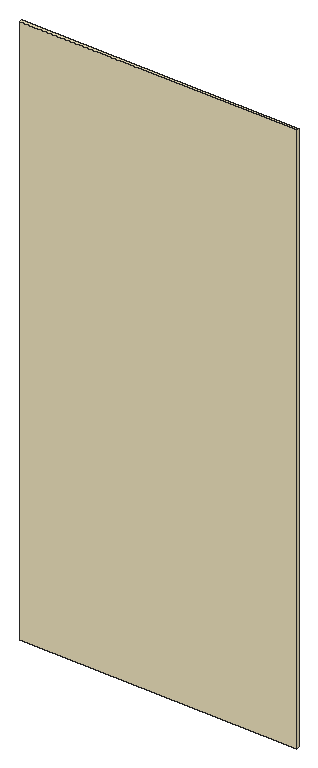
Revit family "American Oak Veneer Honeycomb", category Generic Models, Revit 2017 (continued)
Automatic sketch dimensions
  level to curve 520 = 123.626 mm
  curve 519 to curve 520 = 41.559 mm
  curve 501 to curve 571 = 41.559 mm
  curve 515 to curve 516 = 41.559 mm
  curve 499 to curve 570 = 41.559 mm
  curve 509 to curve 575 = 41.559 mm
  curve 497 to curve 569 = 41.559 mm
  curve 495 to curve 568 = 41.559 mm
  curve 493 to curve 567 = 41.559 mm
  curve 491 to curve 566 = 41.559 mm
  curve 507 to curve 508 = 41.559 mm
  plane 4 "Panel_top" to curve 484 = 51.176 mm
  curve 484 to curve 484 = 34.403 mm
  curve 513 to curve 512 = 41.559 mm
  curve 515 to curve 514 = 41.559 mm
  curve 519 to curve 518 = 41.559 mm
  curve 488 to curve 564 = 58.434 mm
  curve 516 to curve 528 = 58.434 mm
  curve 490 to curve 554 = 58.435 mm
  curve 492 to curve 552 = 58.434 mm
  curve 518 to curve 527 = 58.433 mm
  curve 498 to curve 569 = 58.434 mm
  curve 502 to curve 571 = 58.434 mm
  level to curve 525 = 123.626 mm
  curve 520 to curve 525 = 58.434 mm
  curve 510 to curve 534 = 58.434 mm
  curve 514 to curve 530 = 58.433 mm
  curve 500 to curve 570 = 58.434 mm
  curve 494 to curve 551 = 58.434 mm
  curve 504 to curve 572 = 58.434 mm
  curve 508 to curve 536 = 58.434 mm
  curve 506 to curve 573 = 58.434 mm
  curve 496 to curve 568 = 58.434 mm
  curve 512 to curve 532 = 58.433 mm
  curve 486 to curve 558 = 58.435 mm
  plane 4 "Panel_top" to curve 560 = 51.176 mm
  curve 484 to curve 560 = 58.433 mm
  curve 560 to curve 561 = 34.408 mm
  curve 558 to curve 558 = 41.558 mm
  curve 550 to curve 470 = 41.559 mm
  curve 528 to curve 481 = 41.559 mm
  curve 544 to curve 544 = 41.559 mm
  curve 530 to curve 532 = 41.559 mm
  curve 532 to curve 533 = 41.559 mm
  curve 534 to curve 535 = 41.559 mm
  curve 536 to curve 537 = 41.559 mm
  curve 538 to curve 539 = 41.559 mm
  curve 540 to curve 541 = 41.559 mm
  curve 528 to curve 530 = 41.559 mm
  curve 546 to curve 547 = 41.559 mm
  curve 554 to curve 555 = 41.559 mm
  plane 4 "Panel_top" to curve 559 = 112.988 mm
  curve 558 to curve 559 = 41.559 mm
  level to curve 523 = 61.815 mm
  curve 524 to curve 523 = 41.56 mm
  curve 546 to curve 472 = 41.56 mm
  curve 552 to curve 551 = 41.56 mm
  curve 526 to curve 482 = 41.56 mm
  curve 554 to curve 553 = 41.561 mm
  level to curve 418 = 61.814 mm
  curve 483 to curve 418 = 58.431 mm
  curve 473 to curve 473 = 58.433 mm
  curve 472 to curve 472 = 58.431 mm
  curve 539 to curve 475 = 58.432 mm
  curve 547 to curve 471 = 58.432 mm
  curve 537 to curve 476 = 58.432 mm
  curve 470 to curve 470 = 58.433 mm
  curve 482 to curve 482 = 58.431 mm
  curve 469 to curve 469 = 58.431 mm
  curve 468 to curve 468 = 58.431 mm
  curve 481 to curve 481 = 58.433 mm
  curve 533 to curve 478 = 58.432 mm
  curve 559 to curve 465 = 58.432 mm
  curve 541 to curve 474 = 58.432 mm
  curve 529 to curve 412 = 58.432 mm
  curve 466 to curve 372 = 58.434 mm
  curve 555 to curve 374 = 58.432 mm
  curve 531 to curve 410 = 58.432 mm
  curve 535 to curve 405 = 58.432 mm
  curve 561 to curve 368 = 72.734 mm
  curve 380 to curve 391 = 41.559 mm
  curve 415 to curve 464 = 41.559 mm
  curve 396 to curve 397 = 41.559 mm
  curve 411 to curve 412 = 41.559 mm
  plane 4 "Panel_top" to curve 368 = 51.176 mm
  curve 368 to curve 368 = 34.408 mm
  curve 413 to curve 414 = 41.559 mm
  curve 409 to curve 410 = 41.559 mm
  curve 384 to curve 393 = 41.559 mm
  curve 384 to curve 384 = 41.559 mm
  curve 396 to curve 395 = 41.559 mm
  plane 4 "Panel_top" to curve 371 = 174.799 mm
  curve 372 to curve 371 = 41.559 mm
  curve 398 to curve 402 = 41.559 mm
  curve 380 to curve 380 = 41.559 mm
  curve 374 to curve 373 = 41.559 mm
  curve 405 to curve 404 = 41.559 mm
  curve 407 to curve 406 = 41.559 mm
  curve 409 to curve 408 = 41.559 mm
  curve 376 to curve 375 = 41.559 mm
  curve 469 to curve 378 = 41.559 mm
  curve 373 to curve 387 = 58.433 mm
  curve 395 to curve 438 = 58.433 mm
  curve 381 to curve 444 = 58.434 mm
  curve 397 to curve 437 = 58.434 mm
  plane 4 "Panel_top" to curve 456 = 51.176 mm
  curve 368 to curve 456 = 58.434 mm
  curve 406 to curve 459 = 58.433 mm
  level to curve 420 = 123.624 mm
  curve 416 to curve 420 = 58.434 mm
  curve 379 to curve 446 = 58.433 mm
  level to curve 422 = 247.246 mm
  curve 414 to curve 422 = 58.434 mm
  curve 412 to curve 424 = 58.434 mm
  curve 408 to curve 460 = 58.433 mm
  curve 402 to curve 402 = 58.433 mm
  curve 377 to curve 448 = 58.433 mm
  curve 383 to curve 443 = 58.433 mm
  curve 410 to curve 427 = 58.434 mm
  curve 375 to curve 450 = 58.433 mm
  curve 404 to curve 432 = 58.433 mm
  curve 393 to curve 393 = 58.433 mm
  plane 4 "Panel_top" to curve 455 = 174.799 mm
  curve 371 to curve 455 = 58.434 mm
  curve 369 to curve 457 = 34.409 mm
  plane 4 "Panel_top" to curve 454 = 236.609 mm
  curve 386 to curve 454 = 41.558 mm
  curve 450 to curve 450 = 41.558 mm
  curve 390 to curve 354 = 41.559 mm
  curve 393 to curve 357 = 41.559 mm
  plane 4 "Panel_top" to curve 456 = 112.987 mm
  curve 369 to curve 456 = 41.559 mm
  curve 392 to curve 444 = 41.559 mm
  curve 450 to curve 451 = 41.559 mm
  curve 401 to curve 438 = 41.559 mm
  curve 422 to curve 423 = 41.559 mm
  curve 428 to curve 429 = 41.559 mm
  curve 430 to curve 431 = 41.559 mm
  curve 432 to curve 433 = 41.559 mm
  curve 402 to curve 435 = 41.559 mm
  curve 426 to curve 425 = 41.56 mm
  level to curve 419 = 61.814 mm
  curve 420 to curve 419 = 41.56 mm
  level to curve 421 = 185.436 mm
  curve 422 to curve 421 = 41.56 mm
  curve 392 to curve 441 = 41.56 mm
  curve 389 to curve 353 = 41.56 mm
  curve 428 to curve 363 = 41.56 mm
  level to curve 322 = 61.814 mm
  curve 367 to curve 322 = 58.431 mm
  curve 433 to curve 360 = 58.432 mm
  plane 4 "Panel_top" to curve 287 = 112.987 mm
  curve 349 to curve 287 = 58.433 mm
  curve 429 to curve 362 = 58.432 mm
  plane 4 "Panel_top" to curve 288 = 236.611 mm
  curve 350 to curve 288 = 58.434 mm
  curve 363 to curve 363 = 58.431 mm
  curve 435 to curve 359 = 58.432 mm
  curve 437 to curve 358 = 58.432 mm
  curve 423 to curve 365 = 58.432 mm
  curve 366 to curve 366 = 58.431 mm
  curve 357 to curve 357 = 58.433 mm
  curve 356 to curve 356 = 58.431 mm
  curve 451 to curve 290 = 58.432 mm
  curve 443 to curve 355 = 58.432 mm
  curve 352 to curve 293 = 58.434 mm
  curve 354 to curve 354 = 58.433 mm
  curve 353 to curve 294 = 58.431 mm
  curve 431 to curve 310 = 58.432 mm
  curve 364 to curve 316 = 58.432 mm
  curve 457 to curve 285 = 72.733 mm
  curve 290 to curve 333 = 41.558 mm
  curve 288 to curve 332 = 41.558 mm
  curve 310 to curve 343 = 41.559 mm
  curve 294 to curve 295 = 41.559 mm
  curve 304 to curve 340 = 41.559 mm
  curve 296 to curve 297 = 41.559 mm
  curve 302 to curve 339 = 41.559 mm
  curve 316 to curve 346 = 41.559 mm
  curve 300 to curve 301 = 41.559 mm
  plane 4 "Panel_top" to curve 285 = 51.176 mm
  curve 285 to curve 285 = 34.409 mm
  curve 314 to curve 314 = 41.559 mm
  curve 316 to curve 315 = 41.559 mm
  curve 310 to curve 310 = 41.559 mm
  curve 308 to curve 308 = 41.559 mm
  plane 4 "Panel_top" to curve 287 = 174.8 mm
  curve 288 to curve 287 = 41.559 mm
  level to curve 319 = 247.246 mm
  curve 320 to curve 319 = 41.559 mm
  level to curve 321 = 123.623 mm
  curve 322 to curve 321 = 41.56 mm
  curve 300 to curve 300 = 41.559 mm
  curve 294 to curve 294 = 41.559 mm
  curve 307 to curve 341 = 58.433 mm
  level to curve 327 = 247.246 mm
  curve 319 to curve 327 = 58.433 mm
  curve 311 to curve 343 = 58.434 mm
  curve 305 to curve 340 = 58.434 mm
  curve 313 to curve 344 = 58.433 mm
  curve 303 to curve 339 = 58.434 mm
  curve 291 to curve 242 = 58.435 mm
  plane 4 "Panel_top" to curve 235 = 174.8 mm
  curve 287 to curve 235 = 58.433 mm
  curve 301 to curve 338 = 58.434 mm
  plane 4 "Panel_top" to curve 234 = 51.176 mm
  curve 285 to curve 234 = 58.434 mm
  plane 4 "Panel_top" to curve 238 = 298.422 mm
  curve 289 to curve 238 = 58.435 mm
  curve 299 to curve 337 = 58.433 mm
  curve 317 to curve 346 = 58.434 mm
  level to curve 325 = 123.623 mm
  curve 321 to curve 325 = 58.433 mm
  curve 297 to curve 336 = 58.434 mm
  curve 295 to curve 335 = 58.434 mm
  curve 293 to curve 334 = 58.433 mm
  curve 315 to curve 278 = 58.433 mm
  curve 309 to curve 263 = 58.433 mm
  curve 233 to curve 233 = 34.409 mm
  curve 275 to curve 281 = 41.559 mm
  curve 253 to curve 254 = 41.559 mm
  curve 251 to curve 252 = 41.559 mm
  curve 263 to curve 264 = 41.559 mm
  level to curve 328 = 309.058 mm
  curve 279 to curve 328 = 41.559 mm
  plane 4 "Panel_top" to curve 236 = 236.611 mm
  curve 237 to curve 236 = 41.559 mm
  curve 263 to curve 263 = 41.559 mm
  plane 4 "Panel_top" to curve 235 = 112.989 mm
  curve 235 to curve 235 = 41.559 mm
  curve 261 to curve 261 = 41.559 mm
  curve 265 to curve 274 = 41.559 mm
  curve 259 to curve 259 = 41.559 mm
  curve 257 to curve 257 = 41.559 mm
  curve 279 to curve 278 = 41.559 mm
  curve 246 to curve 251 = 41.559 mm
  curve 237 to curve 241 = 41.559 mm
  curve 246 to curve 246 = 41.559 mm
  curve 244 to curve 243 = 41.559 mm
  curve 327 to curve 283 = 41.56 mm
  curve 325 to curve 284 = 41.56 mm
  level to curve 173 = 61.813 mm
  curve 284 to curve 173 = 58.431 mm
  curve 245 to curve 249 = 58.432 mm
  curve 250 to curve 147 = 58.432 mm
  curve 234 to curve 239 = 58.432 mm
  curve 276 to curve 281 = 58.433 mm
  curve 243 to curve 248 = 58.432 mm
  curve 274 to curve 274 = 58.432 mm
  curve 262 to curve 272 = 58.432 mm
  curve 252 to curve 267 = 58.433 mm
  curve 254 to curve 268 = 58.433 mm
  curve 260 to curve 271 = 58.432 mm
  curve 256 to curve 269 = 58.432 mm
  curve 328 to curve 329 = 58.432 mm
  curve 258 to curve 270 = 58.432 mm
  curve 283 to curve 283 = 58.431 mm
  curve 264 to curve 161 = 58.433 mm
  plane 4 "Panel_top" to curve 141 = 360.233 mm
  curve 241 to curve 141 = 58.432 mm
  curve 278 to curve 167 = 58.432 mm
  curve 236 to curve 240 = 58.433 mm
  curve 233 to curve 136 = 72.732 mm
  curve 149 to curve 150 = 41.559 mm
  curve 143 to curve 144 = 41.559 mm
  level to curve 168 = 370.869 mm
  curve 167 to curve 168 = 41.559 mm
  curve 155 to curve 224 = 41.559 mm
  curve 161 to curve 227 = 41.559 mm
  curve 159 to curve 158 = 41.559 mm
  plane 4 "Panel_top" to curve 140 = 298.423 mm
  curve 141 to curve 140 = 41.559 mm
  curve 161 to curve 160 = 41.559 mm
  plane 4 "Panel_top" to curve 138 = 174.8 mm
  curve 139 to curve 138 = 41.559 mm
  plane 4 "Panel_top" to curve 142 = 422.045 mm
  curve 143 to curve 142 = 41.559 mm
  curve 165 to curve 164 = 41.559 mm
  curve 167 to curve 166 = 41.559 mm
  plane 4 "Panel_top" to curve 137 = 51.178 mm
  curve 136 to curve 137 = 34.41 mm
  level to curve 170 = 247.245 mm
  curve 171 to curve 170 = 41.559 mm
  curve 147 to curve 146 = 41.559 mm
  level to curve 172 = 123.623 mm
  curve 173 to curve 172 = 41.56 mm
  curve 149 to curve 148 = 41.559 mm
  curve 155 to curve 155 = 41.559 mm
  curve 153 to curve 153 = 41.559 mm
  curve 162 to curve 187 = 58.434 mm
  level to curve 181 = 370.869 mm
  curve 168 to curve 181 = 58.434 mm
  curve 144 to curve 218 = 58.434 mm
  curve 146 to curve 219 = 58.433 mm
  level to curve 179 = 247.245 mm
  curve 170 to curve 179 = 58.433 mm
  curve 166 to curve 182 = 58.433 mm
  level to curve 177 = 123.623 mm
  curve 172 to curve 177 = 58.433 mm
  curve 148 to curve 220 = 58.433 mm
  curve 158 to curve 190 = 58.433 mm
  curve 164 to curve 185 = 58.433 mm
  curve 156 to curve 192 = 58.434 mm
  curve 152 to curve 222 = 58.433 mm
  curve 136 to curve 214 = 58.433 mm
  curve 154 to curve 194 = 58.433 mm
  curve 150 to curve 198 = 58.434 mm
  plane 4 "Panel_top" to curve 211 = 174.8 mm
  curve 138 to curve 211 = 58.433 mm
  plane 4 "Panel_top" to curve 209 = 298.423 mm
  curve 140 to curve 209 = 58.433 mm
  plane 4 "Panel_top" to curve 206 = 422.045 mm
  curve 142 to curve 206 = 58.433 mm
  curve 160 to curve 226 = 58.434 mm
  curve 212 to curve 213 = 34.41 mm
  curve 202 to curve 202 = 41.559 mm
  level to curve 180 = 309.057 mm
  curve 180 to curve 180 = 41.559 mm
  curve 194 to curve 194 = 41.559 mm
  curve 188 to curve 188 = 41.559 mm
  curve 182 to curve 184 = 41.559 mm
  curve 188 to curve 189 = 41.559 mm
  curve 194 to curve 195 = 41.559 mm
  curve 196 to curve 198 = 41.559 mm
  curve 198 to curve 199 = 41.559 mm
  curve 202 to curve 203 = 41.559 mm
  plane 4 "Panel_top" to curve 207 = 360.234 mm
  curve 206 to curve 207 = 41.559 mm
  plane 4 "Panel_top" to curve 209 = 236.612 mm
  curve 208 to curve 209 = 41.559 mm
  plane 4 "Panel_top" to curve 211 = 112.99 mm
  curve 210 to curve 211 = 41.559 mm
  level to curve 178 = 185.434 mm
  curve 176 to curve 178 = 41.559 mm
  level to curve 176 = 61.811 mm
  curve 176 to curve 176 = 41.559 mm
  curve 182 to curve 132 = 41.56 mm
  curve 186 to curve 130 = 41.56 mm
  curve 192 to curve 191 = 41.56 mm
  curve 206 to curve 120 = 41.561 mm
  level to curve 79 = 61.812 mm
  curve 175 to curve 79 = 58.432 mm
  curve 195 to curve 125 = 58.432 mm
  curve 126 to curve 126 = 58.433 mm
  curve 197 to curve 124 = 58.432 mm
  curve 127 to curve 127 = 58.431 mm
  curve 199 to curve 123 = 58.432 mm
  curve 189 to curve 128 = 58.432 mm
  curve 122 to curve 122 = 58.433 mm
  curve 203 to curve 121 = 58.432 mm
  curve 130 to curve 130 = 58.431 mm
  curve 120 to curve 120 = 58.431 mm
  curve 183 to curve 131 = 58.432 mm
  curve 133 to curve 133 = 58.433 mm
  curve 211 to curve 117 = 58.432 mm
  curve 177 to curve 134 = 58.432 mm
  plane 4 "Panel_top" to curve 113 = 236.612 mm
  curve 209 to curve 113 = 58.432 mm
  level to curve 84 = 432.678 mm
  curve 132 to curve 84 = 58.432 mm
  plane 4 "Panel_top" to curve 111 = 360.234 mm
  curve 207 to curve 111 = 58.432 mm
  curve 129 to curve 90 = 58.433 mm
  curve 213 to curve 116 = 72.731 mm
  curve 94 to curve 24 = 41.559 mm
  curve 88 to curve 30 = 41.559 mm
  curve 80 to curve 38 = 41.559 mm
  level to curve 82 = 247.246 mm
  curve 82 to curve 82 = 41.559 mm
  curve 100 to curve 102 = 41.559 mm
  curve 102 to curve 103 = 41.559 mm
  curve 90 to curve 92 = 41.559 mm
  curve 104 to curve 105 = 41.559 mm
  curve 106 to curve 107 = 41.559 mm
  plane 4 "Panel_top" to curve 109 = 422.045 mm
  curve 108 to curve 109 = 41.559 mm
  level to curve 86 = 494.489 mm
  curve 84 to curve 86 = 41.559 mm
  plane 4 "Panel_top" to curve 111 = 298.423 mm
  curve 110 to curve 111 = 41.559 mm
  plane 4 "Panel_top" to curve 113 = 174.801 mm
  curve 112 to curve 113 = 41.559 mm
  plane 4 "Panel_top" to curve 115 = 51.179 mm
  curve 116 to curve 115 = 34.411 mm
  curve 96 to curve 98 = 41.559 mm
  curve 96 to curve 22 = 41.56 mm
  curve 90 to curve 28 = 41.56 mm
  curve 84 to curve 34 = 41.56 mm
  curve 100 to curve 18 = 41.56 mm
  curve 85 to curve 32 = 58.432 mm
  curve 91 to curve 26 = 58.432 mm
  curve 28 to curve 66 = 58.431 mm
  curve 18 to curve 18 = 58.431 mm
  curve 101 to curve 16 = 58.432 mm
  curve 107 to curve 10 = 58.432 mm
  curve 97 to curve 20 = 58.432 mm
  curve 24 to curve 62 = 58.433 mm
  curve 30 to curve 67 = 58.433 mm
  curve 22 to curve 22 = 58.431 mm
  curve 105 to curve 12 = 58.432 mm
  curve 115 to curve 2 = 58.432 mm
  curve 103 to curve 14 = 58.432 mm
  level to curve 76 = 123.622 mm
  curve 38 to curve 76 = 58.433 mm
  level to curve 71 = 370.867 mm
  curve 34 to curve 71 = 58.431 mm
  plane 4 "Panel_top" to curve 46 = 422.045 mm
  curve 109 to curve 46 = 58.432 mm
  level to curve 74 = 247.246 mm
  curve 36 to curve 74 = 58.433 mm
  plane 4 "Panel_top" to curve 42 = 174.801 mm
  curve 113 to curve 42 = 58.432 mm
  curve 111 to curve 6 = 58.433 mm
  curve 2 to curve 39 = 34.411 mm
  plane 4 "Panel_top" to curve 44 = 360.233 mm
  curve 6 to curve 44 = 41.559 mm
  plane 4 "Panel_top" to curve 42 = 236.611 mm
  curve 41 to curve 42 = 41.559 mm
  level to curve 73 = 309.056 mm
  curve 34 to curve 73 = 41.559 mm
  level to curve 35 = 185.434 mm  (x2)
  curve 36 to curve 35 = 41.559 mm
  plane 4 "Panel_top" to curve 46 = 483.856 mm
  curve 45 to curve 46 = 41.559 mm
  plane 4 "Panel_top" to curve 41 = 112.99 mm
  curve 2 to curve 41 = 41.559 mm
  curve 10 to curve 48 = 41.559 mm
  curve 12 to curve 50 = 41.559 mm
  level to curve 29 = 556.3 mm  (x2)
  curve 30 to curve 29 = 41.559 mm
  curve 14 to curve 52 = 41.559 mm
  curve 28 to curve 27 = 41.559 mm
  curve 16 to curve 54 = 41.559 mm
  curve 18 to curve 56 = 41.559 mm
  curve 20 to curve 58 = 41.559 mm
  curve 24 to curve 23 = 41.559 mm
  curve 22 to curve 60 = 41.559 mm
  curve 26 to curve 64 = 41.56 mm
  level to curve 70 = 432.678 mm
  curve 32 to curve 70 = 41.56 mm
  level to curve 76 = 61.811 mm
  curve 38 to curve 76 = 41.56 mm
  curve 173 to curve 324 = 0.001 mm
  level to curve 637 = 61.815 mm
  curve 38 to curve 38 = 0 mm
  curve 599 to curve 640 = 61.81 mm
  curve 420 to curve 464 = 0 mm
  curve 640 to curve 636 = 0 mm
  curve 81 to curve 177 = 0 mm
  curve 171 to curve 170 = 61.811 mm
  curve 320 to curve 366 = 0 mm
  curve 416 to curve 415 = 61.81 mm
  curve 171 to curve 326 = 0 mm
  curve 640 to curve 642 = 61.811 mm
  curve 598 to curve 641 = 0 mm  (x2)
  curve 636 to curve 636 = 61.81 mm
  curve 415 to curve 482 = 0 mm
  curve 482 to curve 526 = 61.81 mm
  curve 519 to curve 526 = 0 mm
  curve 641 to curve 695 = 61.811 mm
  curve 422 to curve 463 = 0 mm
  curve 642 to curve 695 = 0 mm
  curve 133 to curve 133 = 0 mm
  curve 329 to curve 328 = 0 mm
  curve 422 to curve 424 = 61.811 mm
  curve 319 to curve 423 = 0 mm
  curve 414 to curve 414 = 61.81 mm
  curve 518 to curve 517 = 61.811 mm
  curve 643 to curve 517 = 0 mm
  curve 634 to curve 633 = 61.81 mm
  curve 413 to curve 481 = 0 mm
  curve 328 to curve 279 = 61.81 mm
  curve 34 to curve 83 = 0 mm
  curve 423 to curve 462 = 61.811 mm
  curve 481 to curve 578 = 61.81 mm
  curve 279 to curve 317 = 0 mm
  curve 643 to curve 645 = 61.811 mm
  curve 424 to curve 462 = 0 mm
  curve 528 to curve 578 = 0 mm
  curve 644 to curve 694 = 0 mm
  curve 168 to curve 167 = 61.81 mm
  curve 279 to curve 167 = 0 mm
  curve 84 to curve 181 = 0.001 mm
  curve 317 to curve 317 = 61.81 mm
  curve 412 to curve 412 = 61.81 mm
  curve 529 to curve 411 = 0 mm
  curve 316 to curve 425 = 0.001 mm
  curve 516 to curve 516 = 61.81 mm
  curve 632 to curve 631 = 61.809 mm
  curve 515 to curve 645 = 0.001 mm
  curve 32 to curve 85 = 0.001 mm  (x2)
  curve 132 to curve 182 = 61.811 mm
  curve 167 to curve 182 = 0 mm
  curve 278 to curve 277 = 61.811 mm
  curve 316 to curve 277 = 0 mm
  curve 364 to curve 426 = 61.811 mm
  curve 515 to curve 514 = 61.811 mm
  curve 530 to curve 514 = 0 mm
  curve 426 to curve 461 = 0.001 mm  (x2)
  curve 596 to curve 647 = 61.811 mm
  curve 646 to curve 693 = 0.001 mm  (x2)
  curve 85 to curve 87 = 61.811 mm
  curve 184 to curve 86 = 0 mm
  curve 166 to curve 281 = 61.811 mm
  curve 315 to curve 314 = 61.811 mm
  curve 530 to curve 531 = 61.811 mm
  curve 479 to curve 531 = 0 mm  (x2)
  curve 165 to curve 276 = 0 mm
  curve 514 to curve 514 = 61.811 mm
  curve 648 to curve 513 = 0 mm
  curve 314 to curve 427 = 0 mm
  curve 630 to curve 630 = 61.811 mm
  curve 29 to curve 30 = 61.811 mm
  curve 165 to curve 164 = 61.811 mm
  curve 184 to curve 164 = 0 mm
  curve 314 to curve 314 = 61.811 mm
  curve 276 to curve 313 = 0 mm
  curve 30 to curve 30 = 0 mm
  curve 363 to curve 429 = 61.81 mm
  curve 409 to curve 428 = 0 mm
  curve 531 to curve 576 = 61.811 mm
  curve 513 to curve 532 = 0 mm
  curve 647 to curve 692 = 61.811 mm
  curve 648 to curve 692 = 0 mm
  curve 30 to curve 130 = 61.81 mm
  curve 30 to curve 27 = 61.811 mm
  curve 164 to curve 164 = 61.811 mm
  curve 428 to curve 430 = 61.811 mm
  curve 313 to curve 429 = 0 mm
  curve 88 to curve 130 = 0 mm
  curve 532 to curve 534 = 61.811 mm
  curve 408 to curve 533 = 0 mm
  curve 163 to curve 274 = 0 mm
  curve 512 to curve 511 = 61.811 mm
  curve 628 to curve 710 = 61.81 mm
  curve 511 to curve 594 = 0 mm
  curve 27 to curve 65 = 61.811 mm
  curve 130 to curve 187 = 61.81 mm
  curve 274 to curve 343 = 61.81 mm
  curve 28 to curve 89 = 0 mm
  curve 429 to curve 459 = 61.811 mm
  curve 407 to curve 430 = 0 mm
  curve 186 to curve 227 = 0 mm
  curve 533 to curve 535 = 61.811 mm
  curve 265 to curve 343 = 0 mm
  curve 594 to curve 691 = 61.81 mm
  curve 534 to curve 510 = 0 mm
  curve 650 to curve 626 = 0 mm
  curve 28 to curve 65 = 61.811 mm
  curve 28 to curve 90 = 61.81 mm
  curve 162 to curve 161 = 61.81 mm
  curve 90 to curve 188 = 0.001 mm
  curve 430 to curve 431 = 61.811 mm
  curve 310 to curve 431 = 0 mm
  curve 161 to curve 273 = 0.001 mm  (x2)
  curve 406 to curve 405 = 61.811 mm
  curve 535 to curve 405 = 0 mm
  curve 650 to curve 652 = 61.811 mm
  curve 509 to curve 651 = 0 mm
  curve 626 to curve 709 = 61.809 mm
  curve 64 to curve 63 = 61.81 mm
  curve 26 to curve 92 = 0.001 mm
  curve 129 to curve 226 = 61.81 mm
  curve 188 to curve 160 = 0.001 mm
  curve 264 to curve 264 = 61.811 mm
  curve 309 to curve 263 = 0 mm
  curve 405 to curve 405 = 61.811 mm
  curve 433 to curve 404 = 0 mm
  curve 535 to curve 537 = 61.811 mm
  curve 651 to curve 653 = 61.811 mm
  curve 536 to curve 574 = 0.001 mm  (x2)
  curve 652 to curve 624 = 0.001 mm
  curve 26 to curve 23 = 61.812 mm
  curve 188 to curve 189 = 61.811 mm
  curve 93 to curve 189 = 0 mm
  curve 160 to curve 160 = 61.811 mm
  curve 263 to curve 159 = 0 mm
  curve 309 to curve 360 = 61.811 mm
  curve 433 to curve 308 = 0 mm
  curve 536 to curve 537 = 61.811 mm
  curve 404 to curve 537 = 0 mm
  curve 508 to curve 507 = 61.811 mm
  curve 624 to curve 623 = 61.811 mm
  curve 507 to curve 654 = 0 mm
  curve 23 to curve 24 = 61.811 mm
  curve 159 to curve 158 = 61.811 mm
  curve 191 to curve 158 = 0 mm
  curve 262 to curve 341 = 61.811 mm
  curve 307 to curve 261 = 0 mm
  curve 24 to curve 94 = 0 mm
  curve 433 to curve 402 = 61.811 mm
  curve 537 to curve 539 = 61.811 mm
  curve 592 to curve 654 = 61.81 mm
  curve 402 to curve 403 = 0 mm
  curve 538 to curve 573 = 0 mm
  curve 654 to curve 689 = 0 mm
  curve 24 to curve 61 = 61.811 mm
  curve 24 to curve 95 = 61.81 mm
  curve 158 to curve 271 = 61.811 mm
  curve 261 to curve 157 = 0 mm
  curve 307 to curve 359 = 61.811 mm
  curve 435 to curve 306 = 0 mm
  curve 94 to curve 191 = 0 mm
  curve 402 to curve 399 = 61.81 mm
  curve 540 to curve 398 = 0 mm
  curve 506 to curve 591 = 61.81 mm
  curve 622 to curve 621 = 61.81 mm
  curve 505 to curve 655 = 0 mm
  curve 21 to curve 59 = 61.811 mm
  curve 127 to curve 193 = 61.81 mm
  curve 260 to curve 259 = 61.811 mm
  curve 22 to curve 95 = 0 mm
  curve 435 to curve 437 = 61.811 mm
  curve 192 to curve 224 = 0 mm
  curve 539 to curve 572 = 61.811 mm
  curve 259 to curve 305 = 0 mm
  curve 591 to curve 688 = 61.81 mm
  curve 401 to curve 397 = 0 mm
  curve 540 to curve 504 = 0 mm
  curve 656 to curve 620 = 0 mm
  curve 22 to curve 19 = 61.811 mm
  curve 22 to curve 97 = 61.81 mm
  curve 156 to curve 270 = 61.81 mm
  curve 258 to curve 155 = 0 mm
  curve 305 to curve 304 = 61.81 mm
  curve 437 to curve 304 = 0 mm
  curve 96 to curve 194 = 0 mm
  curve 540 to curve 542 = 61.811 mm
  curve 397 to curve 541 = 0 mm
  curve 504 to curve 590 = 61.81 mm
  curve 620 to curve 620 = 61.81 mm
  curve 503 to curve 658 = 0 mm
  curve 96 to curve 98 = 61.811 mm
  curve 58 to curve 97 = 0 mm
  curve 126 to curve 194 = 61.81 mm
  curve 154 to curve 194 = 0 mm
  curve 258 to curve 258 = 61.811 mm
  curve 396 to curve 396 = 61.811 mm
  curve 439 to curve 395 = 0 mm
  curve 541 to curve 571 = 61.811 mm
  curve 257 to curve 303 = 0 mm
  curve 590 to curve 687 = 61.81 mm
  curve 542 to curve 571 = 0 mm
  curve 658 to curve 618 = 0 mm
  curve 97 to curve 99 = 61.811 mm
  curve 20 to curve 17 = 61.811 mm
  curve 196 to curve 98 = 0 mm
  curve 257 to curve 256 = 61.811 mm
  curve 269 to curve 256 = 0 mm  (x2)
  curve 303 to curve 357 = 61.81 mm
  curve 395 to curve 395 = 61.811 mm
  curve 502 to curve 501 = 61.81 mm
  curve 660 to curve 501 = 0 mm
  curve 302 to curve 440 = 0 mm
  curve 618 to curve 705 = 61.81 mm
  curve 394 to curve 544 = 0 mm
  curve 17 to curve 55 = 61.811 mm
  curve 195 to curve 222 = 61.811 mm
  curve 152 to curve 196 = 0 mm
  curve 256 to curve 338 = 61.811 mm
  curve 18 to curve 18 = 0 mm
  curve 357 to curve 440 = 61.81 mm
  curve 473 to curve 570 = 61.81 mm
  curve 255 to curve 338 = 0 mm
  curve 659 to curve 686 = 61.811 mm
  curve 393 to curve 394 = 0 mm
  curve 544 to curve 570 = 0 mm
  curve 660 to curve 686 = 0 mm
  curve 18 to curve 101 = 61.81 mm
  curve 197 to curve 100 = 0 mm
  curve 18 to curve 54 = 61.811 mm
  curve 152 to curve 268 = 61.811 mm
  curve 301 to curve 300 = 61.81 mm
  curve 393 to curve 385 = 61.81 mm
  curve 151 to curve 268 = 0 mm
  curve 660 to curve 661 = 61.811 mm
  curve 588 to curve 661 = 0 mm  (x2)
  curve 300 to curve 441 = 0 mm
  curve 616 to curve 704 = 61.81 mm
  curve 384 to curve 545 = 0 mm
  curve 15 to curve 16 = 61.811 mm
  curve 102 to curve 16 = 0 mm
  curve 197 to curve 199 = 61.811 mm
  curve 254 to curve 337 = 61.81 mm
  curve 299 to curve 253 = 0 mm
  curve 356 to curve 443 = 61.81 mm
  curve 383 to curve 392 = 0 mm  (x2)
  curve 198 to curve 221 = 0 mm
  curve 472 to curve 547 = 61.81 mm
  curve 661 to curve 663 = 61.811 mm
  curve 546 to curve 498 = 0 mm
  curve 662 to curve 614 = 0 mm
  curve 16 to curve 53 = 61.811 mm
  curve 101 to curve 102 = 61.811 mm
  curve 199 to curve 102 = 0 mm
  curve 150 to curve 150 = 61.81 mm
  curve 392 to curve 444 = 61.811 mm
  curve 355 to curve 443 = 0 mm  (x2)
  curve 546 to curve 547 = 61.811 mm
  curve 471 to curve 547 = 0 mm  (x2)
  curve 149 to curve 252 = 0 mm
  curve 498 to curve 498 = 61.81 mm
  curve 614 to curve 703 = 61.81 mm
  curve 497 to curve 664 = 0 mm
  curve 102 to curve 103 = 61.811 mm
  curve 51 to curve 103 = 0 mm
  curve 199 to curve 201 = 61.811 mm
  curve 148 to curve 200 = 0 mm
  curve 252 to curve 336 = 61.81 mm
  curve 443 to curve 444 = 61.811 mm
  curve 547 to curve 548 = 61.811 mm
  curve 251 to curve 297 = 0 mm
  curve 587 to curve 664 = 61.81 mm
  curve 391 to curve 381 = 0 mm
  curve 548 to curve 568 = 0 mm
  curve 664 to curve 684 = 0 mm
  curve 14 to curve 11 = 61.811 mm
  curve 103 to curve 122 = 61.811 mm
  curve 148 to curve 250 = 61.811 mm
  curve 297 to curve 296 = 61.81 mm
  curve 104 to curve 122 = 0 mm
  curve 381 to curve 381 = 61.81 mm
  curve 147 to curve 251 = 0 mm
  curve 496 to curve 495 = 61.81 mm
  curve 296 to curve 354 = 0 mm
  curve 612 to curve 612 = 61.81 mm
  curve 380 to curve 470 = 0 mm
  curve 495 to curve 666 = 0 mm
  curve 11 to curve 12 = 61.811 mm
  curve 106 to curve 12 = 0 mm
  curve 147 to curve 146 = 61.811 mm
  curve 202 to curve 146 = 0 mm
  curve 250 to curve 335 = 61.81 mm
  curve 354 to curve 390 = 61.81 mm
  curve 380 to curve 390 = 0 mm
  curve 470 to curve 550 = 61.81 mm
  curve 246 to curve 295 = 0 mm
  curve 586 to curve 666 = 61.81 mm
  curve 550 to curve 567 = 0 mm
  curve 666 to curve 683 = 0 mm
  curve 12 to curve 49 = 61.811 mm
  curve 105 to curve 106 = 61.811 mm
  curve 204 to curve 106 = 0 mm
  curve 146 to curve 146 = 61.811 mm
  curve 246 to curve 145 = 0 mm
  curve 295 to curve 295 = 61.81 mm
  curve 379 to curve 378 = 61.811 mm
  curve 494 to curve 585 = 61.81 mm
  curve 294 to curve 447 = 0 mm
  curve 610 to curve 610 = 61.81 mm
  curve 378 to curve 551 = 0 mm
  curve 493 to curve 585 = 0 mm
  curve 106 to curve 108 = 61.811 mm
  curve 47 to curve 107 = 0 mm
  curve 203 to curve 205 = 61.811 mm
  curve 294 to curve 293 = 61.811 mm
  curve 334 to curve 293 = 0 mm  (x2)
  curve 353 to curve 448 = 61.81 mm
  curve 377 to curve 389 = 0 mm  (x2)
  curve 204 to curve 144 = 0 mm
  curve 469 to curve 566 = 61.81 mm
  curve 585 to curve 669 = 61.81 mm
  curve 552 to curve 492 = 0 mm
  curve 668 to curve 682 = 0 mm
  curve 108 to curve 109 = 61.81 mm
  curve 244 to curve 244 = 61.81 mm
  curve 243 to curve 248 = 0.001 mm  (x2)
  curve 293 to curve 292 = 61.811 mm
  curve 108 to curve 120 = 0 mm
  curve 377 to curve 468 = 61.811 mm
  curve 492 to curve 584 = 61.81 mm
  curve 292 to curve 352 = 0 mm
  curve 608 to curve 700 = 61.81 mm
  curve 376 to curve 553 = 0 mm
  curve 491 to curve 584 = 0 mm
  curve 243 to curve 243 = 61.811 mm
  curve 376 to curve 376 = 61.81 mm
  curve 451 to curve 375 = 0 mm
  curve 468 to curve 555 = 61.809 mm
  curve 584 to curve 670 = 61.809 mm
  curve 242 to curve 333 = 0.002 mm  (x2)
  curve 554 to curve 565 = 0.002 mm  (x2)
  curve 670 to curve 681 = 0.002 mm  (x2)
  curve 450 to curve 451 = 61.811 mm
  curve 290 to curve 451 = 0 mm
  curve 554 to curve 555 = 61.811 mm
  curve 375 to curve 555 = 0 mm
  curve 490 to curve 490 = 61.809 mm
  curve 141 to curve 241 = 0.002 mm  (x2)
  curve 606 to curve 699 = 61.81 mm
  curve 489 to curve 671 = 0.002 mm
  curve 111 to curve 6 = 0.001 mm  (x2)
  curve 374 to curve 373 = 61.811 mm
  curve 373 to curve 387 = 0.001 mm  (x2)
  curve 555 to curve 556 = 61.812 mm
  curve 583 to curve 672 = 61.809 mm
  curve 237 to curve 332 = 0.002 mm  (x2)
  curve 556 to curve 564 = 0 mm
  curve 672 to curve 604 = 0.002 mm
  curve 236 to curve 139 = 0.001 mm
  curve 373 to curve 371 = 61.811 mm
  curve 672 to curve 673 = 61.811 mm
  curve 488 to curve 673 = 0 mm
  curve 604 to curve 603 = 61.81 mm
  curve 372 to curve 466 = 0.002 mm  (x2)
  curve 466 to curve 559 = 61.809 mm
  curve 673 to curve 675 = 61.811 mm
  curve 558 to curve 486 = 0.002 mm
  curve 674 to curve 679 = 0.002 mm  (x2)
  curve 117 to curve 211 = 0 mm  (x2)
  curve 138 to curve 234 = 0 mm
  curve 465 to curve 559 = 0 mm  (x2)
  curve 486 to curve 485 = 61.809 mm
  curve 602 to curve 601 = 61.809 mm
  curve 485 to curve 676 = 0 mm
  plane 4 "Panel_top" to curve 40 = 51.179 mm
  plane 4 "Panel_top" to curve 212 = 51.178 mm
  plane 4 "Panel_top" to curve 600 = 51.176 mm
  plane 3 "Center (Left/Right)" to curve 704 = 0.063 mm
  plane 3 "Center (Left/Right)" to curve 702 = 0.063 mm
  plane 3 "Center (Left/Right)" to curve 707 = 0.063 mm
  plane 3 "Center (Left/Right)" to curve 706 = 0.063 mm
  plane 3 "Center (Left/Right)" to curve 708 = 0.063 mm
  plane 3 "Center (Left/Right)" to curve 701 = 0.063 mm
  plane 3 "Center (Left/Right)" to curve 709 = 0.063 mm
  plane 3 "Center (Left/Right)" to curve 700 = 0.063 mm
  plane 3 "Center (Left/Right)" to curve 710 = 0.063 mm
  plane 3 "Center (Left/Right)" to curve 699 = 0.063 mm
  plane 3 "Center (Left/Right)" to curve 711 = 0.063 mm
  plane 3 "Center (Left/Right)" to curve 698 = 0.063 mm
  plane 3 "Center (Left/Right)" to curve 712 = 0.063 mm
  plane 3 "Center (Left/Right)" to curve 697 = 0.063 mm
  plane 3 "Center (Left/Right)" to curve 713 = 0.063 mm
  plane 3 "Center (Left/Right)" to curve 703 = 0.063 mm
  plane 3 "Center (Left/Right)" to curve 714 = 0.063 mm
  plane 3 "Center (Left/Right)" to curve 705 = 0.063 mm
  plane 3 "Center (Left/Right)" to curve 715 = 0.063 mm
  curve 637 to curve 638 = 0 mm
  curve 625 to curve 626 = 0 mm
  curve 631 to curve 632 = 0 mm
  curve 606 to curve 605 = 0 mm
  curve 604 to curve 603 = 0 mm
  level to curve 638 = 0.004 mm
  plane 3 "Center (Left/Right)" to curve 638 = 70.869 mm
  curve 636 to curve 637 = 0.001 mm
  curve 632 to curve 633 = 0.001 mm
  curve 606 to curve 607 = 0.001 mm
  curve 610 to curve 611 = 0.001 mm
  curve 608 to curve 609 = 0.001 mm
  curve 634 to curve 635 = 0.001 mm
  curve 618 to curve 619 = 0.001 mm
  curve 630 to curve 631 = 0.001 mm
  curve 628 to curve 629 = 0.001 mm
  curve 620 to curve 621 = 0.001 mm
  curve 616 to curve 617 = 0.001 mm
  curve 626 to curve 627 = 0.001 mm
  curve 612 to curve 613 = 0.001 mm
  curve 600 to curve 601 = 0.001 mm
  curve 624 to curve 625 = 0.001 mm
  curve 602 to curve 603 = 0.001 mm
  curve 604 to curve 605 = 0.001 mm
  curve 614 to curve 615 = 0.001 mm
  curve 622 to curve 623 = 0.001 mm
  curve 679 to curve 674 = 0.001 mm
  curve 681 to curve 670 = 0.001 mm
  curve 693 to curve 646 = 0.001 mm
  curve 690 to curve 652 = 0.001 mm
  curve 680 to curve 672 = 0.001 mm
  level to curve 639 = 0.004 mm
  curve 638 to curve 639 = 58.433 mm
  curve 592 to curve 653 = 0.001 mm
  curve 650 to curve 594 = 0.001 mm  (x2)
  curve 656 to curve 591 = 0.001 mm  (x2)
  curve 590 to curve 657 = 0.001 mm
  curve 587 to curve 663 = 0.001 mm
  curve 646 to curve 596 = 0.001 mm  (x2)
  curve 586 to curve 665 = 0.001 mm
  curve 582 to curve 673 = 0 mm
  curve 668 to curve 585 = 0.001 mm  (x2)
  curve 584 to curve 669 = 0.001 mm
  curve 672 to curve 583 = 0.001 mm
  curve 581 to curve 675 = 0.001 mm
  level to curve 640 = 61.814 mm
  curve 640 to curve 599 = 0.001 mm
  curve 589 to curve 659 = 0 mm
  curve 597 to curve 643 = 0 mm
  curve 593 to curve 651 = 0 mm
  curve 595 to curve 647 = 0 mm
  curve 521 to curve 599 = 0 mm
  curve 509 to curve 593 = 0 mm
  curve 583 to curve 489 = 0 mm
  curve 582 to curve 487 = 0 mm
  curve 515 to curve 596 = 0 mm
  level to curve 522 = 0.003 mm
  curve 599 to curve 522 = 41.559 mm
  curve 490 to curve 491 = 0.001 mm
  curve 508 to curve 509 = 0.001 mm
  curve 577 to curve 514 = 0 mm
  curve 492 to curve 493 = 0.001 mm
  curve 506 to curve 507 = 0.001 mm
  curve 510 to curve 511 = 0.001 mm
  curve 576 to curve 512 = 0 mm
  curve 494 to curve 495 = 0.001 mm
  curve 516 to curve 517 = 0.001 mm
  curve 562 to curve 484 = 0 mm
  level to curve 521 = 123.625 mm
  curve 520 to curve 521 = 0.001 mm
  curve 504 to curve 505 = 0.001 mm
  curve 496 to curve 497 = 0.001 mm
  curve 502 to curve 503 = 0.001 mm
  curve 486 to curve 487 = 0.001 mm
  curve 488 to curve 489 = 0.001 mm
  curve 579 to curve 518 = 0 mm
  curve 500 to curve 501 = 0.001 mm
  curve 498 to curve 499 = 0.001 mm
  curve 577 to curve 530 = 0.001 mm  (x2)
  curve 574 to curve 536 = 0.001 mm
  curve 563 to curve 558 = 0.001 mm
  curve 565 to curve 554 = 0.001 mm
  level to curve 523 = 0.003 mm
  curve 522 to curve 523 = 58.433 mm
  curve 556 to curve 557 = 0 mm
  curve 467 to curve 555 = 0 mm
  curve 546 to curve 472 = 0.001 mm  (x2)
  curve 470 to curve 549 = 0.001 mm
  curve 481 to curve 527 = 0.001 mm
  curve 552 to curve 469 = 0.001 mm  (x2)
  curve 554 to curve 468 = 0.001 mm
  curve 466 to curve 557 = 0.001 mm
  curve 526 to curve 482 = 0.001 mm  (x2)
  level to curve 524 = 61.813 mm
  curve 524 to curve 483 = 0.001 mm
  curve 473 to curve 543 = 0.001 mm
  curve 474 to curve 541 = 0 mm
  curve 475 to curve 539 = 0 mm
  curve 476 to curve 537 = 0 mm
  curve 477 to curve 535 = 0 mm
  curve 480 to curve 529 = 0 mm
  curve 478 to curve 533 = 0 mm
  curve 417 to curve 483 = 0 mm
  curve 405 to curve 477 = 0 mm
  curve 467 to curve 374 = 0 mm
  curve 466 to curve 372 = 0 mm
  curve 411 to curve 480 = 0 mm
  level to curve 418 = 0.003 mm
  curve 483 to curve 418 = 41.559 mm
  curve 397 to curve 398 = 0.001 mm
  curve 386 to curve 371 = 0 mm
  curve 387 to curve 373 = 0 mm
  curve 388 to curve 375 = 0 mm
  curve 389 to curve 377 = 0 mm
  curve 390 to curve 379 = 0 mm
  curve 392 to curve 383 = 0 mm
  plane 4 "Panel_top" to curve 370 = 51.176 mm
  curve 368 to curve 370 = 0.001 mm
  curve 460 to curve 408 = 0 mm
  curve 381 to curve 382 = 0.001 mm
  curve 402 to curve 399 = 0 mm
  curve 400 to curve 395 = 0 mm
  curve 459 to curve 406 = 0 mm
  curve 458 to curve 404 = 0 mm
  level to curve 417 = 123.624 mm
  curve 416 to curve 417 = 0.001 mm
  curve 393 to curve 385 = 0 mm
  curve 414 to curve 415 = 0.001 mm
  curve 410 to curve 411 = 0.001 mm
  curve 412 to curve 413 = 0.001 mm
  curve 458 to curve 432 = 0.001 mm  (x2)
  curve 461 to curve 426 = 0.001 mm
  curve 388 to curve 450 = 0.001 mm
  level to curve 419 = 0.003 mm
  curve 418 to curve 419 = 58.433 mm
  plane 4 "Panel_top" to curve 454 = 174.799 mm
  curve 454 to curve 386 = 0 mm
  curve 387 to curve 453 = 0 mm
  curve 442 to curve 356 = 0.001 mm  (x2)
  curve 354 to curve 445 = 0.001 mm
  curve 357 to curve 439 = 0.001 mm
  level to curve 420 = 61.813 mm
  curve 420 to curve 367 = 0.001 mm
  level to curve 422 = 185.435 mm
  curve 422 to curve 366 = 0.001 mm
  curve 448 to curve 353 = 0.001 mm  (x2)
  curve 428 to curve 363 = 0.001 mm  (x2)
  curve 365 to curve 423 = 0 mm
  curve 362 to curve 429 = 0 mm
  curve 361 to curve 431 = 0 mm
  curve 360 to curve 433 = 0 mm
  curve 359 to curve 435 = 0 mm
  curve 358 to curve 437 = 0 mm
  plane 4 "Panel_top" to curve 455 = 112.988 mm
  curve 349 to curve 455 = 0.001 mm
  curve 426 to curve 364 = 0.001 mm  (x2)
  plane 4 "Panel_top" to curve 453 = 236.611 mm
  curve 350 to curve 453 = 0.001 mm
  curve 352 to curve 449 = 0.001 mm
  curve 351 to curve 451 = 0 mm
  level to curve 323 = 61.813 mm
  curve 322 to curve 323 = 0 mm
  curve 310 to curve 361 = 0 mm
  curve 316 to curve 364 = 0 mm
  curve 350 to curve 288 = 0 mm
  curve 351 to curve 290 = 0 mm
  level to curve 323 = 0.002 mm
  curve 322 to curve 323 = 41.56 mm
  curve 331 to curve 287 = 0 mm
  curve 341 to curve 307 = 0 mm
  curve 295 to curve 296 = 0.001 mm
  curve 311 to curve 312 = 0.001 mm
  curve 317 to curve 318 = 0.001 mm
  curve 348 to curve 321 = 0 mm
  plane 4 "Panel_top" to curve 286 = 51.178 mm
  curve 285 to curve 286 = 0.001 mm
  curve 347 to curve 319 = 0 mm
  curve 305 to curve 306 = 0.001 mm
  curve 345 to curve 315 = 0 mm
  curve 303 to curve 304 = 0.001 mm
  plane 4 "Panel_top" to curve 290 = 298.422 mm
  curve 289 to curve 290 = 0.001 mm
  curve 337 to curve 299 = 0 mm
  curve 342 to curve 309 = 0 mm
  curve 301 to curve 302 = 0.001 mm
  curve 344 to curve 313 = 0 mm
  curve 291 to curve 292 = 0.001 mm
  curve 297 to curve 298 = 0.001 mm
  curve 345 to curve 277 = 0.001 mm  (x2)
  curve 333 to curve 242 = 0.001 mm
  curve 331 to curve 235 = 0.001 mm
  curve 332 to curve 237 = 0.001 mm
  curve 342 to curve 263 = 0.001 mm  (x2)
  level to curve 324 = 0.002 mm
  curve 323 to curve 324 = 58.433 mm
  curve 274 to curve 266 = 0 mm
  curve 271 to curve 260 = 0 mm
  level to curve 327 = 185.434 mm
  curve 327 to curve 283 = 0.001 mm
  curve 264 to curve 265 = 0.001 mm
  curve 272 to curve 262 = 0 mm
  curve 276 to curve 277 = 0.001 mm
  curve 254 to curve 255 = 0.001 mm
  level to curve 280 = 309.056 mm
  curve 328 to curve 280 = 0 mm
  level to curve 325 = 61.812 mm
  curve 325 to curve 284 = 0.001 mm
  curve 252 to curve 253 = 0.001 mm
  curve 270 to curve 258 = 0 mm
  plane 4 "Panel_top" to curve 238 = 360.233 mm
  curve 241 to curve 238 = 0 mm
  curve 239 to curve 234 = 0 mm
  curve 249 to curve 245 = 0 mm
  curve 240 to curve 236 = 0 mm
  curve 248 to curve 243 = 0 mm
  curve 250 to curve 247 = 0 mm
  curve 282 to curve 278 = 0 mm
  curve 241 to curve 141 = 0 mm
  curve 167 to curve 282 = 0 mm
  curve 161 to curve 273 = 0 mm
  plane 4 "Panel_top" to curve 140 = 236.611 mm
  curve 140 to curve 139 = 0 mm
  curve 173 to curve 284 = 0 mm
  level to curve 174 = 0.001 mm
  curve 284 to curve 174 = 41.559 mm
  curve 156 to curve 157 = 0.001 mm
  curve 232 to curve 172 = 0 mm
  curve 231 to curve 170 = 0 mm
  curve 229 to curve 166 = 0 mm
  curve 162 to curve 163 = 0.001 mm
  curve 228 to curve 164 = 0 mm
  curve 226 to curve 160 = 0 mm
  curve 225 to curve 158 = 0 mm
  level to curve 169 = 370.867 mm
  curve 168 to curve 169 = 0.001 mm
  curve 144 to curve 145 = 0.001 mm
  curve 223 to curve 154 = 0 mm
  curve 222 to curve 152 = 0 mm
  curve 214 to curve 136 = 0 mm
  curve 220 to curve 148 = 0 mm
  curve 219 to curve 146 = 0 mm
  curve 215 to curve 138 = 0 mm
  curve 216 to curve 140 = 0 mm
  curve 150 to curve 151 = 0.001 mm
  curve 217 to curve 142 = 0 mm
  curve 217 to curve 206 = 0.001 mm
  curve 229 to curve 182 = 0.001 mm  (x2)
  curve 215 to curve 210 = 0.001 mm
  curve 216 to curve 208 = 0.001 mm
  level to curve 175 = 0.001 mm
  curve 174 to curve 175 = 58.433 mm
  curve 189 to curve 188 = 0 mm
  curve 186 to curve 130 = 0.001 mm  (x2)
  curve 129 to curve 187 = 0.001 mm
  curve 123 to curve 199 = 0 mm
  curve 192 to curve 127 = 0.001 mm  (x2)
  curve 126 to curve 193 = 0.001 mm
  level to curve 182 = 432.678 mm
  curve 182 to curve 132 = 0.001 mm
  curve 124 to curve 197 = 0 mm
  curve 122 to curve 201 = 0.001 mm
  level to curve 179 = 309.056 mm
  curve 133 to curve 179 = 0.001 mm
  curve 125 to curve 195 = 0 mm
  plane 4 "Panel_top" to curve 206 = 483.856 mm
  curve 206 to curve 120 = 0.001 mm
  curve 135 to curve 175 = 0 mm
  curve 134 to curve 177 = 0 mm
  curve 128 to curve 189 = 0 mm
  curve 121 to curve 203 = 0 mm
  curve 118 to curve 209 = 0 mm
  curve 131 to curve 183 = 0 mm
  curve 119 to curve 207 = 0 mm
  curve 90 to curve 129 = 0 mm
  curve 119 to curve 110 = 0 mm
  curve 84 to curve 132 = 0 mm
  curve 118 to curve 112 = 0 mm
  curve 78 to curve 135 = 0 mm
  curve 90 to curve 28 = 0.001 mm  (x2)
  curve 10 to curve 107 = 0 mm
  curve 24 to curve 93 = 0.001 mm
  curve 30 to curve 87 = 0.001 mm
  level to curve 84 = 370.867 mm
  curve 84 to curve 34 = 0.001 mm
  curve 20 to curve 97 = 0 mm
  curve 100 to curve 18 = 0.001 mm  (x2)
  level to curve 81 = 247.244 mm
  curve 36 to curve 81 = 0.001 mm
  curve 16 to curve 101 = 0 mm
  level to curve 79 = 123.622 mm
  curve 38 to curve 79 = 0.001 mm
  curve 96 to curve 22 = 0.001 mm  (x2)
  level to curve 78 = 0.001 mm
  curve 135 to curve 78 = 41.559 mm
  curve 8 to curve 109 = 0 mm
  curve 14 to curve 103 = 0 mm
  curve 2 to curve 115 = 0 mm
  curve 26 to curve 91 = 0 mm
  curve 6 to curve 111 = 0 mm
  curve 32 to curve 85 = 0 mm
  curve 4 to curve 113 = 0 mm
  curve 12 to curve 105 = 0 mm
  level to curve 70 = 494.489 mm
  curve 32 to curve 70 = 0 mm
  curve 26 to curve 64 = 0 mm
  curve 78 to curve 77 = 58.432 mm
  curve 8 to curve 45 = 0 mm
  plane 4 "Panel_top" to curve 44 = 298.423 mm
  curve 44 to curve 6 = 0 mm
  curve 4 to curve 41 = 0 mm
  plane 4 "Panel_top" to curve 45 = 360.234 mm
  curve 5 to curve 45 = 0 mm
  plane 4 "Panel_top" to curve 43 = 236.612 mm
  curve 3 to curve 43 = 0 mm
  level to curve 31 = 432.677 mm  (x2)
  curve 70 to curve 31 = 0 mm
  curve 64 to curve 25 = 0 mm
  level to curve 77 = 61.812 mm
  curve 77 to curve 37 = 0 mm
  curve 19 to curve 19 = 29.216 mm
  curve 9 to curve 9 = 29.216 mm
  curve 21 to curve 21 = 29.216 mm
  curve 23 to curve 23 = 29.216 mm
  curve 25 to curve 25 = 29.216 mm
  curve 17 to curve 17 = 29.216 mm
  curve 11 to curve 11 = 29.216 mm
  curve 29 to curve 29 = 29.216 mm
  curve 31 to curve 31 = 29.216 mm
  plane 4 "Panel_top" to curve 5 = 360.233 mm
  curve 45 to curve 5 = 29.216 mm
  level to curve 33 = 309.056 mm
  curve 33 to curve 33 = 29.216 mm
  curve 35 to curve 35 = 29.216 mm
  plane 4 "Panel_top" to curve 7 = 483.856 mm
  curve 7 to curve 7 = 29.216 mm
  plane 4 "Panel_top" to curve 3 = 236.611 mm
  curve 43 to curve 3 = 29.216 mm
  level to curve 37 = 61.811 mm
  curve 37 to curve 37 = 29.215 mm
  curve 15 to curve 15 = 29.216 mm
  curve 27 to curve 27 = 29.216 mm
  plane 4 "Panel_top" to curve 1 = 112.99 mm
  curve 1 to curve 1 = 29.216 mm
  curve 13 to curve 13 = 29.216 mm
  curve 135 to curve 78 = 0.001 mm
  curve 173 to curve 284 = 0.001 mm
  curve 175 to curve 135 = 0 mm
  curve 417 to curve 483 = 0.001 mm
  curve 521 to curve 599 = 0.001 mm
  curve 637 to curve 638 = 0.001 mm
  curve 637 to curve 715 = 0 mm
  curve 172 to curve 232 = 0 mm
  curve 321 to curve 348 = 0 mm
  curve 637 to curve 636 = 0.001 mm
  curve 177 to curve 134 = 0 mm
  curve 635 to curve 714 = 0 mm
  curve 641 to curve 598 = 0 mm
  curve 415 to curve 414 = 0.001 mm
  curve 170 to curve 231 = 0 mm
  curve 319 to curve 347 = 0 mm
  curve 635 to curve 634 = 0.001 mm
  curve 518 to curve 579 = 0 mm
  curve 527 to curve 481 = 0.001 mm
  curve 423 to curve 365 = 0 mm
  curve 633 to curve 713 = 0 mm
  curve 643 to curve 597 = 0 mm
  curve 318 to curve 317 = 0.001 mm
  curve 413 to curve 412 = 0.001 mm
  curve 517 to curve 516 = 0.001 mm
  curve 633 to curve 632 = 0.001 mm
  curve 84 to curve 132 = 0.001 mm
  curve 282 to curve 167 = 0.001 mm
  curve 316 to curve 364 = 0.001 mm
  curve 480 to curve 411 = 0.001 mm
  curve 282 to curve 278 = 0.001 mm
  curve 515 to curve 596 = 0.001 mm
  curve 480 to curve 529 = 0.001 mm
  curve 631 to curve 632 = 0.001 mm
  curve 631 to curve 712 = 0 mm
  curve 229 to curve 166 = 0.001 mm
  curve 411 to curve 410 = 0.001 mm
  curve 345 to curve 315 = 0.001 mm
  curve 631 to curve 630 = 0.001 mm
  curve 577 to curve 514 = 0.001 mm
  curve 277 to curve 276 = 0.001 mm
  curve 183 to curve 131 = 0 mm
  curve 531 to curve 479 = 0 mm
  curve 629 to curve 711 = 0 mm
  curve 647 to curve 595 = 0 mm
  curve 87 to curve 30 = 0.001 mm
  curve 164 to curve 228 = 0 mm
  curve 313 to curve 344 = 0 mm
  curve 629 to curve 628 = 0.001 mm
  curve 408 to curve 460 = 0 mm
  curve 512 to curve 576 = 0 mm
  curve 27 to curve 27 = 0 mm
  curve 266 to curve 274 = 0.001 mm
  curve 429 to curve 362 = 0 mm
  curve 533 to curve 478 = 0 mm
  curve 627 to curve 710 = 0 mm
  curve 163 to curve 162 = 0.001 mm
  curve 312 to curve 311 = 0.001 mm
  curve 511 to curve 510 = 0.001 mm
  curve 627 to curve 626 = 0.001 mm
  curve 406 to curve 459 = 0 mm
  curve 25 to curve 64 = 0.002 mm  (x2)
  curve 90 to curve 129 = 0.001 mm
  curve 187 to curve 129 = 0.001 mm
  curve 265 to curve 264 = 0.001 mm
  curve 361 to curve 310 = 0.001 mm
  curve 477 to curve 405 = 0.001 mm
  curve 593 to curve 509 = 0.001 mm
  curve 361 to curve 431 = 0.001 mm
  curve 477 to curve 535 = 0.001 mm
  curve 625 to curve 626 = 0.001 mm
  curve 625 to curve 709 = 0 mm
  curve 593 to curve 651 = 0.001 mm
  curve 26 to curve 64 = 0.001 mm
  curve 188 to curve 189 = 0.001 mm
  curve 26 to curve 91 = 0.001 mm
  curve 226 to curve 160 = 0.001 mm
  curve 342 to curve 309 = 0.001 mm
  curve 509 to curve 508 = 0.001 mm
  curve 652 to curve 690 = 0.001 mm
  curve 458 to curve 404 = 0.001 mm
  curve 625 to curve 624 = 0.001 mm
  curve 23 to curve 23 = 0 mm
  curve 189 to curve 128 = 0 mm
  curve 262 to curve 272 = 0 mm
  curve 653 to curve 592 = 0.001 mm
  curve 433 to curve 360 = 0 mm
  curve 537 to curve 476 = 0 mm
  curve 623 to curve 708 = 0 mm
  curve 93 to curve 24 = 0.001 mm
  curve 399 to curve 402 = 0.001 mm
  curve 158 to curve 225 = 0 mm
  curve 507 to curve 506 = 0.001 mm
  curve 307 to curve 341 = 0 mm
  curve 623 to curve 622 = 0.001 mm
  curve 21 to curve 21 = 0 mm
  curve 260 to curve 271 = 0 mm
  curve 435 to curve 359 = 0 mm
  curve 539 to curve 475 = 0 mm
  curve 621 to curve 707 = 0 mm
  curve 157 to curve 156 = 0.001 mm
  curve 306 to curve 305 = 0.001 mm
  curve 398 to curve 397 = 0.001 mm
  curve 505 to curve 504 = 0.001 mm
  curve 621 to curve 620 = 0.001 mm
  curve 19 to curve 19 = 0 mm
  curve 193 to curve 126 = 0.001 mm
  curve 258 to curve 270 = 0 mm
  curve 657 to curve 590 = 0.001 mm
  curve 437 to curve 358 = 0 mm
  curve 541 to curve 474 = 0 mm
  curve 619 to curve 706 = 0 mm
  curve 304 to curve 303 = 0.001 mm
  curve 97 to curve 20 = 0 mm
  curve 154 to curve 223 = 0 mm
  curve 503 to curve 502 = 0.001 mm
  curve 619 to curve 618 = 0.001 mm
  curve 395 to curve 400 = 0 mm
  curve 17 to curve 17 = 0 mm
  curve 439 to curve 357 = 0.001 mm
  curve 195 to curve 125 = 0 mm
  curve 543 to curve 473 = 0.001 mm
  curve 256 to curve 269 = 0 mm
  curve 617 to curve 705 = 0 mm
  curve 659 to curve 589 = 0 mm
  curve 302 to curve 301 = 0.001 mm
  curve 385 to curve 393 = 0.001 mm
  curve 152 to curve 222 = 0 mm
  curve 501 to curve 500 = 0.001 mm
  curve 617 to curve 616 = 0.001 mm
  curve 15 to curve 15 = 0 mm
  curve 255 to curve 254 = 0.001 mm
  curve 197 to curve 124 = 0 mm
  curve 615 to curve 704 = 0 mm
  curve 661 to curve 588 = 0 mm
  curve 151 to curve 150 = 0.001 mm
  curve 101 to curve 16 = 0 mm
  curve 499 to curve 498 = 0.001 mm
  curve 299 to curve 337 = 0 mm
  curve 615 to curve 614 = 0.001 mm
  curve 13 to curve 13 = 0 mm
  curve 253 to curve 252 = 0.001 mm
  curve 199 to curve 123 = 0 mm
  curve 663 to curve 587 = 0.001 mm
  curve 443 to curve 355 = 0 mm
  curve 547 to curve 471 = 0 mm
  curve 613 to curve 703 = 0 mm
  curve 298 to curve 297 = 0.001 mm
  curve 103 to curve 14 = 0 mm
  curve 382 to curve 381 = 0.001 mm
  curve 148 to curve 220 = 0 mm
  curve 497 to curve 496 = 0.001 mm
  curve 613 to curve 612 = 0.001 mm
  curve 11 to curve 11 = 0 mm
  curve 201 to curve 122 = 0.001 mm
  curve 247 to curve 250 = 0.001 mm
  curve 445 to curve 354 = 0.001 mm
  curve 549 to curve 470 = 0.001 mm
  curve 665 to curve 586 = 0.001 mm
  curve 611 to curve 702 = 0 mm
  curve 296 to curve 295 = 0.001 mm
  curve 105 to curve 12 = 0 mm
  curve 146 to curve 219 = 0 mm
  curve 495 to curve 494 = 0.001 mm
  curve 611 to curve 610 = 0.001 mm
  curve 379 to curve 390 = 0 mm
  curve 9 to curve 9 = 0 mm
  curve 203 to curve 121 = 0 mm
  curve 245 to curve 249 = 0 mm
  curve 609 to curve 701 = 0 mm
  curve 145 to curve 144 = 0.001 mm
  curve 107 to curve 10 = 0 mm
  curve 493 to curve 492 = 0.001 mm
  curve 293 to curve 334 = 0 mm
  curve 609 to curve 608 = 0.001 mm
  curve 449 to curve 352 = 0.002 mm
  curve 554 to curve 468 = 0.002 mm
  curve 669 to curve 584 = 0.002 mm
  curve 607 to curve 700 = 0 mm
  curve 45 to curve 8 = 0.001 mm
  curve 206 to curve 217 = 0.001 mm
  curve 292 to curve 291 = 0.002 mm
  curve 109 to curve 8 = 0.001 mm
  curve 450 to curve 388 = 0.001 mm
  curve 491 to curve 490 = 0.002 mm
  curve 142 to curve 217 = 0.001 mm
  curve 607 to curve 606 = 0.002 mm
  curve 375 to curve 388 = 0.001 mm
  curve 110 to curve 119 = 0.001 mm
  curve 290 to curve 351 = 0.001 mm
  curve 207 to curve 119 = 0.001 mm
  curve 374 to curve 467 = 0.001 mm
  curve 672 to curve 583 = 0.002 mm
  curve 489 to curve 583 = 0.002 mm
  curve 606 to curve 605 = 0.001 mm
  curve 451 to curve 351 = 0.001 mm
  curve 555 to curve 467 = 0.001 mm
  curve 606 to curve 699 = 0.001 mm
  curve 208 to curve 216 = 0.001 mm
  curve 453 to curve 387 = 0.001 mm
  curve 557 to curve 556 = 0.001 mm
  curve 489 to curve 488 = 0.002 mm
  curve 140 to curve 216 = 0.001 mm
  curve 605 to curve 604 = 0.002 mm
  curve 672 to curve 680 = 0.002 mm
  curve 112 to curve 118 = 0.001 mm
  curve 288 to curve 350 = 0.002 mm
  curve 557 to curve 466 = 0.002 mm
  curve 209 to curve 118 = 0.001 mm
  curve 236 to curve 240 = 0.001 mm
  curve 487 to curve 582 = 0.001 mm
  curve 604 to curve 603 = 0.001 mm
  curve 604 to curve 698 = 0.001 mm
  curve 673 to curve 582 = 0.001 mm
  curve 41 to curve 4 = 0.001 mm
  curve 210 to curve 215 = 0.001 mm
  curve 235 to curve 331 = 0.001 mm
  curve 113 to curve 4 = 0.001 mm
  curve 487 to curve 486 = 0.002 mm
  curve 138 to curve 215 = 0.001 mm
  curve 558 to curve 563 = 0.002 mm
  curve 603 to curve 602 = 0.002 mm
  curve 287 to curve 331 = 0.001 mm
  curve 371 to curve 386 = 0.001 mm
  curve 211 to curve 117 = 0 mm
  curve 234 to curve 239 = 0 mm
  curve 675 to curve 581 = 0.001 mm
  curve 559 to curve 465 = 0 mm
  curve 601 to curve 697 = 0 mm
  curve 115 to curve 2 = 0 mm
  curve 136 to curve 214 = 0 mm
  curve 601 to curve 600 = 0.001 mm
  curve 484 to curve 562 = 0 mm
